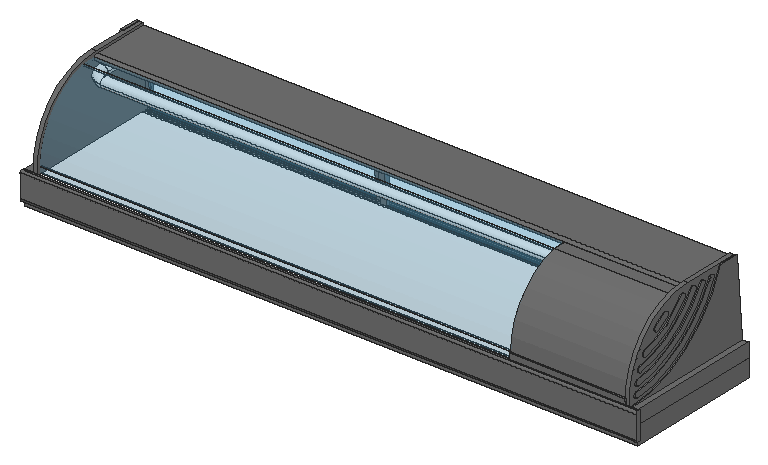
Revit family "QF_HOSHIZAKI_HNC-150BE-R-B", category Specialty Equipment, Revit 2016
Family settings
  Part Type = Normal
  Round Connector Dimension = Use Diameter
  OmniClass Number = 23.40.40.14
  OmniClass Title = Food Service Equipment
  Work Plane-Based = No
  Always vertical = Yes
  Cut with Voids When Loaded = No
  Shared = No
  Room Calculation Point = No
Parameters (values of type "HNC-150BE-R-B_230V/1Ph/50Hz")
  Weight = 37.00 kg
  Volts = 230 V
  URL Cutsheet = ""
  URL = "www.hoshizaki-europe.com"
  Status [instance] = ""
  Specification by User [instance] = ""
  Specification by Manufacturer [instance] = ""
  Serial Number = ""
  Seismic Rating = ""
  SMACNA No = ""
  Revision Code [instance] = ""
  Phase = 1
  Number of Poles = 2
  NAFEM Spec ID Number = ""
  Model = "HNC-150BE-R-B"
  Min Ckt Ampacity = 0 A
  Max Overcurrent Protection = 0 A
  Masterspec = ""
  Manufacturer = "HOSHIZAKI"
  Length Actual = 1500 mm
  Item Number [instance] = ""
  Installed By [instance] = ""
  Identify Quantity as Lot [instance] = no
  Height Actual = 270 mm
  HP power = ""
  Furnished By [instance] = ""
  Foodservice Equipment Identifier [instance] = yes
  FL Amps = 0.68 A
  Electric power = 150 W
  Electric Connection Type [instance] = ""
  Elec Conn RI Height [instance] = 0 mm
  Elec Conn Connection Height [instance] = 18 mm
  Description = "57 LITRE SUSHI CASE, BLACK, RIGHT MOUNTED CONDENSER"
  Depth Actual = 345 mm
  Cycle = 50 Hz
  Cost = 0
  Conn Plug = ""
  Conn Conduit = no
  CSI MasterFormat = ""
  Assembly Code = "E1090320"
  Apparent Power = 150 VA
  Accessory = no
Types (2, lengths in mm): name | Volts | FL Amps
  HNC-150BE-R-B_230V/1Ph/50Hz | 230 V | 0.68 A
  HNC-150BE-R-B_240V/1Ph/50Hz | 240 V | 0.63 A
Reference planes
  plane 1 "Center (Front/Back)": y = 0
  plane 2: z = 0
  plane 3 "Center (Left/Right)": x = 0
Forms (mm)
  Extrusion 1, solid, not visible
    sketch origin (1464, 0, 17) x (1, 0, 0) y (0, 1, 0)
      loop
        line (0, 0) -> (2, 0) -> (2, 2) -> (0, 2) -> (0, 0)
    from 0 to 2
  Extrusion 2, solid, not visible
    sketch origin (1464, 3, 17) x (1, 0, 0) y (0, 1, 0)
      loop
        line (0, 0) -> (2, 0) -> (2, 2) -> (0, 2) -> (0, 0)
    from 0 to 2
Dimensions and locks
  aligned and locked: level to plane 2
Nested families
  nested 1: "QF_HOSHIZAKI_HNC-150BE-R-B_230V_1Ph_50Hz" at (0, 0, 0), type "HNC-150BE-R-B_230V/1Ph/50Hz"
    with Status "", Specification by User "", Show Clearance yes, Revision Code "", Number of Poles 1, Item Number "", Installed By "", Identify Quantity as Lot no, Furnished By "", Foodservice Equipment Identifier yes, Electrical Remarks "", Electric Connection Type "", Elec Conn RI Height 0 mm, Elec Conn Connection Height 19 mm, Conn Conduit yes
Connectors
  electrical at (1465, 2, 18), driven by "Apparent Power", driven by "Number of Poles", driven by "Volts"
    settings: on Extrusion 1, index 1, voltage 230 V, apparent load 0 VA, apparent load phase1 150 VA, apparent load phase2 0 VA, apparent load phase3 0 VA, power factor 1, load classification "Other", number of poles 2, system type 31, power factor state 1, is connector primary yes, connector utility no, sub classification motor no, connector description "Electric connection for 'HNC-150BE-R-B'"
  electrical at (1465, 5, 18), driven by "Apparent Power", driven by "Number of Poles", driven by "Volts"
    settings: on Extrusion 2, index 2, voltage 230 V, apparent load 0 VA, apparent load phase1 150 VA, apparent load phase2 0 VA, apparent load phase3 0 VA, power factor 1, load classification "Other", number of poles 2, system type 31, power factor state 1, is connector primary no, connector utility no, sub classification motor no, connector description "Electric connection for 'HNC-150BE-R-B'"
Definition of nested family "QF_HOSHIZAKI_HNC-150BE-R-B_230V_1Ph_50Hz"
  Parameters (values of type "HNC-150BE-R-B_230V/1Ph/50Hz")
    Weight in Pounds = 81.5709
    Electric power = 150 W
    Volts = 230 V
    URL Cutsheet = "www.hoshizaki-europe.com"
    URL = "www.hoshizaki-europe.com"
    Status [instance] = ""
    Specification by User [instance] = ""
    Specification by Manufacturer = ""
    Show Clearance [instance] = yes
    Serial Number = ""
    Seismic Rating = ""
    SMACNA No = ""
    Revision Code [instance] = ""
    Phase = 1
    Number of Poles [instance] = 1
    NAFEM Spec ID Number = ""
    Model = "HNC-150BE-R-B"
    Min Ckt Ampacity = 0 A
    Max Overcurrent Protection = 0 A
    Masterspec = ""
    Manufacturer = "HOSHIZAKI"
    Item Number [instance] = ""
    Installed By [instance] = ""
    Identify Quantity as Lot [instance] = no
    HP power = "0.201153000000"
    Furnished By [instance] = ""
    Foodservice Equipment Identifier [instance] = yes
    FL Amps = 20 A
    Electrical Remarks [instance] = ""
    Electric Connection Type [instance] = ""
    Elec Conn RI Height [instance] = 0 mm
    Elec Conn Connection Height [instance] = 19 mm
    Description = "57 LITRE SUSHI CASE, BLACK, RIGHT MOUNTED CONDENSER"
    Cycle = 50 Hz
    Conn Plug = ""
    Conn Conduit [instance] = yes
    CSI MasterFormat = ""
    Assembly Code = "E1090320"
    Apparent Power = 150 VA
  Types (2, lengths in mm): name | Phase | Identify Quantity as Lot | Elec Conn Connection Height
    (no name) | 0 | yes | 0
    HNC-150BE-R-B_230V/1Ph/50Hz | 1 | no | 19
  Values of the unnamed type that differ from the named types
    Weight in Pounds = 0
    Electric power = 0 W
    Volts = 0 V
    URL Cutsheet = ""
    URL = ""
    Model = ""
    Manufacturer = ""
    HP power = ""
    FL Amps = 0 A
    Description = ""
    Cycle = 0 Hz
    Apparent Power = 0 VA
  Reference planes
    plane 1 "Back": y = 0
    plane 2: z = 0
    plane 3 "Left": x = 0
    plane 4 "Right": x = 1500
    plane 5 "Front": y = -345
    plane 6 "Top": z = 270
  Forms (mm)
    Extrusion 1, solid
      sketch origin (1500, 0, 0) x (0, 1, 0) y (0, 0, -1)
        loop
          line (-335, -11.612) -> (-340, -11.612)
          arc (-340, -11.612) -> (-343.536, -13.076) -> (-345, -16.612) r 5
          line (-345, -16.612) -> (-345, -73.923)
          arc (-345, -73.923) -> (-343.536, -77.458) -> (-340, -78.923) r 5
          line (-340, -78.923) -> (-335, -78.923) -> (-335, -11.612)
      from 0 to 1500
    Extrusion 2, solid
      sketch origin (1496, 0, 0) x (0, 1, 0) y (0, 0, -1)
        loop
          line (0, 0) -> (-335, 0) -> (-335, -45.267) -> (0, -45.267) -> (0, 0)
      from 1492 to 0
    Extrusion 3, solid
      sketch origin (20, 0, 0) x (0, 1, 0) y (0, 0, 1)
        loop
          line (-335, 77.311) -> (-335, 45.267) -> (0, 45.267) -> (0, 81.612) -> (-16.482, 270) -> (-62.821, 270)
          arc (-62.821, 270) -> (-168.876, 131.23) -> (-335, 77.311) r 293.422
        loop
          arc (-83.709, 252.219) -> (-87.673, 258.508) -> (-95.039, 257.5) r 6.865
          arc (-95.039, 257.5) -> (-185.592, 150.044) -> (-318.029, 103.066) r 268.422
          arc (-318.029, 103.066) -> (-323.161, 96.407) -> (-317.08, 90.602) r 6.285
          arc (-317.08, 90.602) -> (-178.479, 139.765) -> (-83.709, 252.219) r 280.922
        loop
          arc (-111.859, 251.686) -> (-115.571, 258.059) -> (-122.925, 257.5) r 6.947
          arc (-122.925, 257.5) -> (-202.759, 168.597) -> (-315.28, 128.393) r 243.422
          arc (-315.28, 128.393) -> (-320.31, 121.62) -> (-314.06, 115.953) r 6.28
          arc (-314.06, 115.953) -> (-195.78, 158.227) -> (-111.859, 251.686) r 255.922
        loop
          arc (-140.937, 251.021) -> (-143.81, 258.338) -> (-151.626, 257.5) r 6.48
          arc (-151.626, 257.5) -> (-218.228, 188.332) -> (-308.057, 154.411) r 218.422
          arc (-308.057, 154.411) -> (-312.519, 147.451) -> (-306.269, 142.04) r 6.315
          arc (-306.269, 142.04) -> (-211.328, 177.909) -> (-140.937, 251.021) r 230.922
        loop
          arc (-173, 248.071) -> (-175.054, 255.795) -> (-183.042, 255.516) r 6.411
          arc (-183.042, 255.516) -> (-231.849, 209.297) -> (-293.527, 182.572) r 193.422
          arc (-293.527, 182.572) -> (-298.352, 176.046) -> (-293.13, 169.833) r 6.554
          arc (-293.13, 169.833) -> (-226.037, 198.16) -> (-173, 248.071) r 205.922
        loop
          arc (-225.482, 229.368) -> (-225.701, 237.193) -> (-233.285, 239.134) r 6.501
          arc (-233.285, 239.134) -> (-246.737, 229.431) -> (-261.08, 221.097) r 168.422
          arc (-261.08, 221.097) -> (-262.519, 213.318) -> (-255.34, 209.993) r 6.452
          arc (-255.34, 209.993) -> (-239.933, 218.945) -> (-225.482, 229.368) r 180.922
      from 0 to 5
    Extrusion 4, solid
      sketch origin (25, 0, 0) x (0, 1, 0) y (0, 0, 1)
        loop
          line (-335, 45.267) -> (0, 45.267) -> (0, 81.612) -> (-16.482, 270) -> (-157.482, 270)
          arc (-157.482, 270) -> (-288.48, 212.569) -> (-335, 77.311) r 178.115
          line (-335, 77.311) -> (-335, 45.267)
      from 0 to 10
    Extrusion 5, solid
      sketch origin (1480, 0, 0) x (0, 1, 0) y (0, 0, -1)
        loop
          arc (-335, -77.311) -> (-168.876, -131.23) -> (-62.821, -270) r 293.422
          line (-62.821, -270) -> (-16.482, -270) -> (0, -81.612) -> (0, -45.267) -> (-335, -45.267) -> (-335, -77.311)
        loop
          arc (-83.709, -252.219) -> (-178.479, -139.765) -> (-317.08, -90.602) r 280.922
          arc (-317.08, -90.602) -> (-323.161, -96.407) -> (-318.029, -103.066) r 6.285
          arc (-318.029, -103.066) -> (-185.592, -150.044) -> (-95.039, -257.5) r 268.422
          arc (-95.039, -257.5) -> (-87.673, -258.508) -> (-83.709, -252.219) r 6.865
        loop
          arc (-111.859, -251.686) -> (-195.78, -158.227) -> (-314.06, -115.953) r 255.922
          arc (-314.06, -115.953) -> (-320.31, -121.62) -> (-315.28, -128.393) r 6.28
          arc (-315.28, -128.393) -> (-202.759, -168.597) -> (-122.925, -257.5) r 243.422
          arc (-122.925, -257.5) -> (-115.571, -258.059) -> (-111.859, -251.686) r 6.947
        loop
          arc (-140.937, -251.021) -> (-211.328, -177.909) -> (-306.269, -142.04) r 230.922
          arc (-306.269, -142.04) -> (-312.519, -147.451) -> (-308.057, -154.411) r 6.315
          arc (-308.057, -154.411) -> (-218.228, -188.332) -> (-151.626, -257.5) r 218.422
          arc (-151.626, -257.5) -> (-143.81, -258.338) -> (-140.937, -251.021) r 6.48
        loop
          arc (-173, -248.071) -> (-226.037, -198.16) -> (-293.13, -169.833) r 205.922
          arc (-293.13, -169.833) -> (-298.352, -176.046) -> (-293.527, -182.572) r 6.554
          arc (-293.527, -182.572) -> (-231.849, -209.297) -> (-183.042, -255.516) r 193.422
          arc (-183.042, -255.516) -> (-175.054, -255.795) -> (-173, -248.071) r 6.411
        loop
          arc (-225.482, -229.368) -> (-239.933, -218.945) -> (-255.34, -209.993) r 180.922
          arc (-255.34, -209.993) -> (-262.519, -213.318) -> (-261.08, -221.097) r 6.452
          arc (-261.08, -221.097) -> (-246.737, -229.431) -> (-233.285, -239.134) r 168.422
          arc (-233.285, -239.134) -> (-225.701, -237.193) -> (-225.482, -229.368) r 6.501
      from 0 to 5
    Extrusion 6, solid
      sketch origin (1475, 0, 0) x (0, 1, 0) y (0, 0, -1)
        loop
          line (-335, -45.267) -> (-335, -77.311)
          arc (-335, -77.311) -> (-288.48, -212.569) -> (-157.482, -270) r 178.115
          line (-157.482, -270) -> (-16.482, -270) -> (0, -81.612) -> (0, -45.267) -> (-335, -45.267)
      from 0 to 10
    Extrusion 7, solid
      sketch origin (1500, 0, 0) x (0, 1, 0) y (0, 0, -1)
        loop
          line (-335.005, -77.311) -> (-335.597, -91.885) -> (-330.597, -91.885)
          arc (-330.597, -91.885) -> (-293.716, -198.698) -> (-198.787, -260) r 173.115
          line (-198.787, -260) -> (-15.607, -260) -> (0, -81.612) -> (0, -45.267) -> (-9.983, -45.267) -> (-9.983, -77.311) -> (-335.005, -77.311)
      from 35 to 317
    Extrusion 8, solid
      sketch origin (1500, 0, 0) x (0, 1, 0) y (0, 0, -1)
        loop
          line (-9.983, -45.267) -> (-335, -45.267) -> (-335, -67.293)
          arc (-335, -67.293) -> (-332.066, -74.377) -> (-324.983, -77.311) r 10.017
          line (-324.983, -77.311) -> (-20.035, -77.311)
          arc (-20.035, -77.311) -> (-12.951, -74.377) -> (-9.983, -67.293) r 10.017
          line (-9.983, -67.293) -> (-9.983, -45.267)
      from 35 to 1465
    Extrusion 9, solid
      sketch origin (1500, 0, 0) x (0, 1, 0) y (0, 0, -1)
        loop
          line (-16.044, -265) -> (-15.169, -255) -> (-166.142, -255) -> (-166.142, -260)
          arc (-166.142, -260) -> (-162.482, -263.66) -> (-157.482, -265) r 10
          line (-157.482, -265) -> (-16.044, -265)
      from 35 to 1465
    Extrusion 10, solid
      sketch origin (1500, 0, 0) x (0, 1, 0) y (0, 0, -1)
        loop
          line (-166.142, -260) -> (-166.142, -255) -> (-198.178, -255)
          arc (-198.178, -255) -> (-289.967, -195.377) -> (-325.597, -91.885) r 168.115
          line (-325.597, -91.885) -> (-325.597, -77.395) -> (-330.597, -77.395) -> (-330.597, -91.885)
          arc (-330.597, -91.885) -> (-293.716, -198.698) -> (-198.787, -260) r 173.115
          line (-198.787, -260) -> (-166.142, -260)
      from 317 to 1465
    Sweep 11, solid
      path origin (1198.216, 0, 230) x (-1, 0, 0) y (0, -1, 0)
        loop
          line (1072.551, 50.66) -> (1112.551, 50.66)
          arc (1112.551, 50.66) -> (1140.051, 62.051) -> (1151.442, 89.551) r 38.891
          line (1151.442, 89.551) -> (1151.442, 153.787)
          arc (1151.442, 153.787) -> (1142.122, 176.287) -> (1119.622, 185.607) r 31.82
          line (1119.622, 185.607) -> (14.622, 185.607)
      profile origin (105.665, -50.66, 230) x (0, -1, 0) y (0, 0, 1)
        loop
          circle (0, 0) r 12.5
    Extrusion 12, solid
      sketch origin (1500, 0, 0) x (0, 1, 0) y (0, 0, -1)
        loop
          line (0, -45.267) -> (-10, -45.267) -> (-10, -77.311) -> (-5, -77.311) -> (-5, -81.612) -> (-6.743, -101.536) -> (-1.743, -101.536) -> (0, -81.612) -> (0, -45.267)
      from 317 to 1465
    Extrusion 13, solid
      sketch origin (1200, 0, 0) x (0, 1, 0) y (0, 0, -1)
        loop
          line (-6.743, -101.536) -> (-20.169, -255) -> (-15.169, -255) -> (-1.743, -101.536) -> (-6.743, -101.536)
      from 1150 to 1165
    Extrusion 14, solid
      sketch origin (1183, -10, 0) x (0, 1, 0) y (0, 0, -1)
        loop
          line (-5, -77.311) -> (-9.917, -77.311) -> (-9.917, -80.666) -> (-25.169, -255) -> (-20.169, -255) -> (-5, -81.612) -> (-5, -77.311)
      from 0 to 550
    Extrusion 15, solid
      sketch origin (1500, 0, 0) x (-1, 0, 0) y (0, 0, -1)
        loop
          line (20, -45.267) -> (4, -45.267) -> (4, -78.923) -> (20, -78.923) -> (20, -45.267)
      from 0 to 335
    Extrusion 16, solid
      sketch origin (20, 0, 0) x (-1, 0, 0) y (0, 0, -1)
        loop
          line (16, -45.267) -> (0, -45.267) -> (0, -78.923) -> (16, -78.923) -> (16, -45.267)
      from 0 to 335
    Extrusion 17, solid
      sketch origin (1470, 5, 19) x (-1, 0, 0) y (0, 0, -1)
        loop
          circle (0, 0) r 5
      from 0 to 5
    Extrusion 18, solid
      sketch origin (600, 0, 0) x (0, 1, 0) y (0, 0, -1)
        loop
          line (-5, -77.311) -> (-9.917, -77.311) -> (-9.917, -80.666) -> (-25.169, -255) -> (-20.169, -255) -> (-5, -81.612) -> (-5, -77.311)
      from 0 to 550
    Extrusion 19, solid
      sketch origin (600, 0, 0) x (0, 1, 0) y (0, 0, 1)
        loop
          line (-6.743, 101.536) -> (-2.401, 109.056) -> (-14.603, 248.524) -> (-20.169, 255) -> (-25.169, 255) -> (-9.917, 80.666) -> (-4.917, 80.666) -> (-6.743, 101.536)
      from 16 to 0
    Extrusion 20, solid
      sketch origin (617, -10, 0) x (0, 1, 0) y (0, 0, 1)
        loop
          line (-6.743, 101.536) -> (-2.401, 109.056) -> (-14.603, 248.524) -> (-20.169, 255) -> (-25.169, 255) -> (-9.917, 80.666) -> (-4.917, 80.666) -> (-6.743, 101.536)
      from 16 to 0
  Lines and regions (mm)
    symbolic lines
      curve 1: line (1500, -335, 0) -> (1500, -345, 0)
      curve 2: line (1500, -345, 0) -> (0, -345, 0)
      curve 3: line (0, -345, 0) -> (0, -335, 0)
      curve 4: line (0, -335, 0) -> (4, -335, 0)
      curve 5: line (4, -335, 0) -> (4, 0, 0)
      curve 6: line (4, 0, 0) -> (1496, 0, 0)
      curve 7: line (1465, 0, 0) -> (1465, 5, 0)
      curve 8: line (1465, 5, 0) -> (1475, 5, 0)
      curve 9: line (1475, 5, 0) -> (1475, 0, 0)
      curve 10: line (1496, 0, 0) -> (1496, -335, 0)
      curve 11: line (1496, -335, 0) -> (1500, -335, 0)
      curve 12: line (1500, -335, 0) -> (0, -335, 0)
      curve 13: line (35, -335, 0) -> (35, 0, 0)
      curve 14: line (1465, -335, 0) -> (1465, 0, 0)
      curve 15: line (1183, 0, 0) -> (1183, -335, 0)
      curve 16: line (35, -166.142, 0) -> (1183, -166.142, 0)
      curve 17: arc (80, -198.787, 0) -> (53.973, -189.037, 0) -> (38.216, -166.142, 0) r 46.31
      curve 18: arc (65, -166.142, 0) -> (72.577, -171.229, 0) -> (81.345, -173.764, 0) r 29.577
      curve 19: line (81.345, -173.764, 0) -> (1183, -173.764, 0)
      curve 20: line (1183, -198.787, 0) -> (80, -198.787, 0)
  Dimensions and locks
    plane 4 "Right" to plane 3 "Left" = 1500 mm
    aligned and locked: level to plane 2
  Connectors
    electrical at (1470, 5, 19), driven by "Apparent Power", driven by "Volts", driven by "Number of Poles"
      settings: on Extrusion 17, index 1, voltage 230 V, apparent load 0 VA, apparent load phase1 150 VA, apparent load phase2 0 VA, apparent load phase3 0 VA, power factor 1, load classification none, number of poles 1, system type 31, power factor state 1, is connector primary yes, connector utility no, sub classification motor no, connector description "Electrical Connection"
